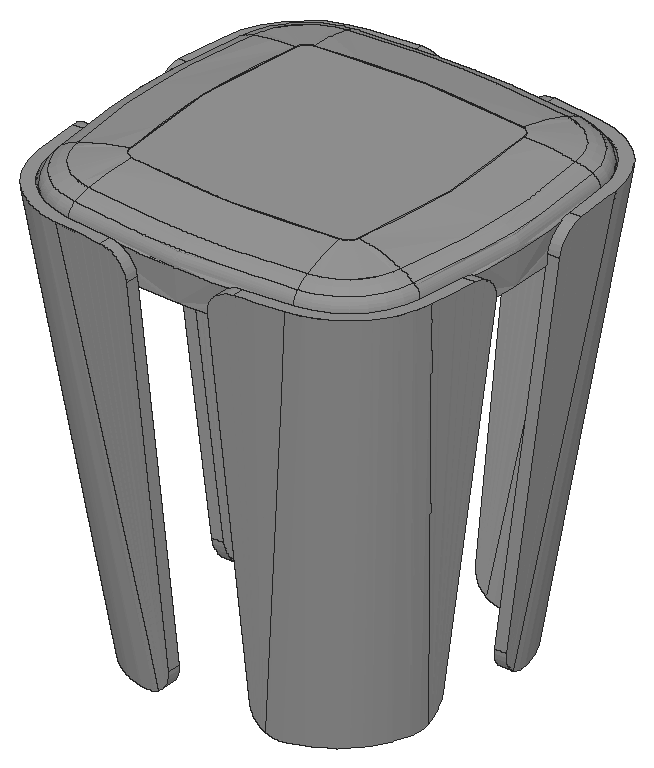
Revit family "Stool_Tulipa_Gohome_R18", category Furniture, Revit 2018
Family settings
  OmniClass Number = 23.40.20.00
  OmniClass Title = General Furniture and Specialties
  Work Plane-Based = No
  Always vertical = Yes
  Cut with Voids When Loaded = No
  Shared = No
  Room Calculation Point = No
Parameters (values of type "Musk")
  Width = 400 mm  # constant formula
  Website = "www.gohome.com.au"
  Upholstery_Finish = Gohome_Black Wool
  Type Image = <None>
  Finish = Gohome_Musk
  Supplier = "Gohome"
  Model By = "Chris:p Soul"
  Design By = "Marcel Sigel"
  Description = "Tulipa Stool"
  Depth = 400 mm  # constant formula
  Contact = "+61 2 9565 5510"
Types (5, lengths in mm): name | Finish
  (no name) | Gohome_Musk
  Walnut | Gohome_Walnut
  Musk | Gohome_Musk
  Black Stained Oak | Gohome_Black Stained Oak
  Natural Oak | Gohome_Natural Oak
Reference planes
  plane 1 "Center (Front/Back)": y = 0
  plane 2: z = 0
  plane 3 "Center (Left/Right)": x = 0
  plane 4: through (0, 133.747, 515.692) normal (0, 0.9563, -0.2924)
  plane 5 "W": x = -200
  plane 6 "E": x = 200
  plane 7: z = 450.304
  plane 8: z = 779
Forms (mm)
  Sweep 1, solid, not visible
    path origin (-820.668, 0, 203.554) x (1, 0, 0) y (0, 0, 1)
      loop
        line (570.733, 528.012) -> (1070.733, 528.012)
    profile origin (0.064, 0, 731.566) x (0, 0, 1) y (0, -1, 0)
      loop
        line (-108.623, -166.536) -> (-260.858, -119.994)
        arc (-260.858, -119.994) -> (-292.764, -96.598) -> (-303.169, -58.426) r 60
        line (-303.169, -58.426) -> (-281.263, 254.522)
        spline (-281.263, 254.522) -> (-281.257, 255.829) -> (-281.423, 257.125) -> (-281.756, 258.388) -> (-282.251, 259.598) -> (-282.9, 260.732) -> (-283.692, 261.772) -> (-284.613, 262.7) -> (-285.647, 263.5) -> (-286.777, 264.159) -> (-287.983, 264.664) -> (-289.245, 265.008) -> (-290.541, 265.184)
        line (-290.541, 265.184) -> (-291.834, 265.274) -> (-734.459, 296.194) -> (-734.459, 273.901) -> (-307.017, 244.042) -> (-328.425, -61.794)
        spline (-328.425, -61.794) -> (-328.303, -70.544) -> (-327.224, -79.228) -> (-325.201, -87.742) -> (-322.259, -95.984) -> (-318.432, -103.855) -> (-313.766, -111.261) -> (-308.318, -118.113) -> (-302.152, -124.329) -> (-295.344, -129.834) -> (-287.973, -134.563) -> (-280.129, -138.458) -> (-271.906, -141.473)
        line (-271.906, -141.473) -> (-110.496, -190.84)
        arc (-110.496, -190.84) -> (-107.722, -190.42) -> (-106.509, -187.89) r 3
        line (-106.509, -187.89) -> (-106.509, -169.182)
        spline (-106.509, -169.182) -> (-106.546, -168.884) -> (-106.613, -168.592) -> (-106.708, -168.308) -> (-106.831, -168.035) -> (-106.981, -167.775) -> (-107.156, -167.532) -> (-107.355, -167.308) -> (-107.575, -167.104) -> (-107.814, -166.924) -> (-108.07, -166.768) -> (-108.341, -166.638) -> (-108.623, -166.536)
  Extrusion 2, void, not visible
    sketch origin (0, 0, 0) x (1, 0, 0) y (0, 0, 1)
      loop
        line (-241.599, -65) -> (-195.458, 594.851)
        arc (-195.458, 594.851) -> (-185.991, 614.699) -> (-165.531, 622.758) r 30
        line (-165.531, 622.758) -> (165.862, 622.758)
        arc (165.862, 622.758) -> (186.322, 614.699) -> (195.789, 594.851) r 30
        line (195.789, 594.851) -> (241.93, -65) -> (367.21, -65) -> (367.21, 835.06) -> (13.239, 835.06) -> (-366.879, 835.06) -> (-366.879, -65) -> (-241.599, -65)
    from -326.217 to 362.964
  Sweep 3, solid, not visible
    path origin (204.953, 265.712, 0) x (0, 1, 0) y (0, 0, 1)
      loop
        line (-34.577, 782.317) -> (-117.45, 511.254)
        arc (-117.45, 511.254) -> (-126.491, 462.205) -> (-124.17, 412.384) r 218.426
        line (-124.17, 412.384) -> (-57.209, 0)
    profile origin (204.953, 175.022, 206.192) x (0, 0.987072, 0.160277) y (1, 0, 0)
      loop
        line (-15.179, -204.922) -> (-15.179, -488.636) -> (8, -488.577) -> (8, -205.248) -> (8, 78.671) -> (-15.179, 78.729) -> (-15.179, -204.922)
  Extrusion 4, void, not visible
    sketch origin (0, 0, 0) x (1, 0, 0) y (0, 0, 1)
      loop
        arc (-274.397, 10.698) -> (-271.735, 3.18) -> (-264.422, 0) r 10
        line (-264.422, 0) -> (-246.379, 0)
        arc (-246.379, 0) -> (-239.565, 2.681) -> (-236.405, 9.288) r 10
        line (-236.405, 9.288) -> (-190.907, 659.94)
        arc (-190.907, 659.94) -> (-181.44, 679.788) -> (-160.98, 687.847) r 30
        line (-160.98, 687.847) -> (161.311, 687.847)
        arc (161.311, 687.847) -> (181.771, 679.788) -> (191.238, 659.94) r 30
        line (191.238, 659.94) -> (236.735, 9.297)
        arc (236.735, 9.297) -> (239.892, 2.685) -> (246.71, 0) r 10
        line (246.71, 0) -> (264.753, 0)
        arc (264.753, 0) -> (272.066, 3.18) -> (274.729, 10.698) r 10
        line (274.729, 10.698) -> (227.031, 692.802)
        arc (227.031, 692.802) -> (198.63, 752.346) -> (137.25, 776.524) r 90
        line (137.25, 776.524) -> (-136.919, 776.524)
        arc (-136.919, 776.524) -> (-198.299, 752.346) -> (-226.7, 692.802) r 90
        line (-226.7, 692.802) -> (-274.397, 10.698)
      loop
        line (13.239, 835.06) -> (-366.879, 835.06) -> (-366.879, -40) -> (-281.505, -40) -> (285.751, -40) -> (367.21, -40) -> (367.21, 835.06) -> (13.239, 835.06)
    from -424.588 to 138.074
  Extrusion 5, void, not visible
    sketch origin (0, -690, 0) x (1, 0, 0) y (0, 0, 1)
      loop
        arc (-198.311, 9.302) -> (-201.468, 2.686) -> (-208.288, 0) r 10
        line (-208.288, 0) -> (-226.33, 0)
        arc (-226.33, 0) -> (-233.644, 3.18) -> (-236.306, 10.698) r 10
        line (-236.306, 10.698) -> (-241.795, -67.79) -> (242.126, -67.79) -> (236.637, 10.698)
        arc (236.637, 10.698) -> (233.975, 3.18) -> (226.662, 0) r 10
        line (226.662, 0) -> (208.619, 0)
        arc (208.619, 0) -> (201.799, 2.686) -> (198.642, 9.302) r 10
        line (198.642, 9.302) -> (170.465, 412.258)
        arc (170.465, 412.258) -> (167.309, 418.874) -> (160.489, 421.561) r 10
        line (160.489, 421.561) -> (-160.158, 421.561)
        arc (-160.158, 421.561) -> (-166.978, 418.874) -> (-170.133, 412.258) r 10
        line (-170.133, 412.258) -> (-198.311, 9.302)
    from -445.955 to -356.965
  Extrusion 6, solid, material "Gohome_Musk" <- "Finish"
    sketch origin (-93.503, 4.782, 0) x (1, 0, 0) y (0, 1, 0)
      loop
        arc (-17.293, 172.18) -> (-61.767, 150.488) -> (-83.459, 106.015) r 76
        arc (-83.459, 106.015) -> (-93.221, -4.782) -> (-83.459, -115.578) r 633.652
        arc (-83.459, -115.578) -> (-61.767, -160.051) -> (-17.293, -181.744) r 76
        arc (-17.293, -181.744) -> (93.503, -189.16) -> (204.299, -181.744) r 831.307
        arc (204.299, -181.744) -> (248.772, -160.051) -> (270.465, -115.578) r 76
        arc (270.465, -115.578) -> (280.226, -4.782) -> (270.465, 106.015) r 633.652
        arc (270.465, 106.015) -> (248.772, 150.488) -> (204.299, 172.18) r 76
        arc (204.299, 172.18) -> (93.503, 179.597) -> (-17.293, 172.18) r 831.307
    from 384 to 400
  Sweep 7, solid, material "Gohome_Black Wool" <- "Upholstery_Finish"
    path in 3D
      loop
        arc (110.796, 176.962, 400) -> (155.269, 155.269, 400) -> (176.962, 110.796, 400) r 76
        arc (176.962, 110.796, 400) -> (186.724, 0, 400) -> (176.962, -110.796, 400) r 633.652
        arc (176.962, -110.796, 400) -> (155.269, -155.269, 400) -> (110.796, -176.962, 400) r 76
        arc (110.796, -176.962, 400) -> (0, -184.379, 400) -> (-110.796, -176.962, 400) r 831.307
        arc (-110.796, -176.962, 400) -> (-155.269, -155.269, 400) -> (-176.962, -110.796, 400) r 76
        arc (-176.962, -110.796, 400) -> (-186.724, 0, 400) -> (-176.962, 110.796, 400) r 633.652
        arc (-176.962, 110.796, 400) -> (-155.269, 155.269, 400) -> (-110.796, 176.962, 400) r 76
        arc (-110.796, 176.962, 400) -> (0, 184.379, 400) -> (110.796, 176.962, 400) r 831.307
    profile origin (0, 184.379, 400) x (0, 1, 0) y (0, 0, 1)
      loop
        arc (3.954, 16.415) -> (2.371, 24.12) -> (-2.854, 30) r 15.188
        arc (-2.854, 30) -> (-9.998, 33.96) -> (-17.66, 36.788) r 53.599
        arc (-17.66, 36.788) -> (-40.813, 42.18) -> (-64.379, 45.304) r 245.118
        line (-64.379, 45.304) -> (-64.379, 14) -> (0, 14) -> (0, -16) -> (3.954, 16.415)
  Extrusion 8, solid, material "Gohome_Black Wool" <- "Upholstery_Finish"
    sketch origin (0, 0, 0) x (1, 0, 0) y (0, 1, 0)
      loop
        arc (-102.734, -113.088) -> (0, -120) -> (102.734, -113.088) r 766.928
        arc (102.734, -113.088) -> (110.023, -109.461) -> (113.143, -101.942) r 11.621
        arc (113.143, -101.942) -> (122.345, 0) -> (113.143, 101.942) r 569.273
        arc (113.143, 101.942) -> (110.023, 109.461) -> (102.734, 113.088) r 11.621
        arc (102.734, 113.088) -> (0, 120) -> (-102.734, 113.088) r 766.928
        arc (-102.734, 113.088) -> (-110.023, 109.461) -> (-113.143, 101.942) r 11.621
        arc (-113.143, 101.942) -> (-122.345, 0) -> (-113.143, -101.942) r 569.273
        arc (-113.143, -101.942) -> (-110.023, -109.461) -> (-102.734, -113.088) r 11.621
    from 420 to 445.304
Lines and regions (mm)
  model lines, style "0", not visible
    curve 1: line (-181.921, -48.212, 0) -> (-182.808, -49.933, 0)
    curve 2: line (-42.382, -191.142, 0) -> (-40.211, -190.147, 0)
    curve 3: line (42.503, -190.058, 0) -> (44.225, -190.946, 0)
    curve 4: line (185.434, -50.52, 0) -> (184.439, -48.349, 0)
    curve 5: line (184.35, 34.366, 0) -> (185.238, 36.087, 0)
    curve 6: line (44.812, 177.296, 0) -> (42.64, 176.301, 0)
    curve 7: line (-40.074, 176.212, 0) -> (-41.795, 177.1, 0)
    curve 8: line (-183.004, 36.674, 0) -> (-182.009, 34.502, 0)
    curve 9: line (-182.042, -46.941, 0) -> (-182.228, -46.923, 0)
    curve 10: line (41.233, -190.18, 0) -> (41.215, -190.366, 0)
    curve 11: line (184.472, 33.095, 0) -> (184.658, 33.077, 0)
    curve 12: line (-38.803, 176.334, 0) -> (-38.785, 176.52, 0)
    curve 13: line (-179.072, -121.023, 0) -> (-175.748, -117.7, 0)
    curve 14: line (-109.562, -183.886, 0) -> (-112.885, -187.21, 0)
    curve 15: line (115.315, -187.21, 0) -> (112, -183.896, 0)
    curve 16: line (178.187, -117.709, 0) -> (181.502, -121.023, 0)
    curve 17: line (181.502, 107.177, 0) -> (178.178, 103.853, 0)
    curve 18: line (111.991, 170.04, 0) -> (115.315, 173.364, 0)
    curve 19: line (-112.885, 173.364, 0) -> (-109.571, 170.049, 0)
    curve 20: line (-175.758, 103.863, 0) -> (-179.072, 107.177, 0)
    curve 21: line (-192.387, -46.925, 0) -> (-195.25, -50.739, 0)
    curve 22: line (-41.669, -203.102, 0) -> (-38.787, -200.525, 0)
    curve 23: line (-191.088, -122.842, 0) -> (-114.722, -199.207, 0)
    curve 24: line (112, -183.896, 0) -> (178.187, -117.709, 0)
    curve 25: line (-175.765, -117.702, 0) -> (-109.564, -183.903, 0)
    curve 26: line (178.194, 103.855, 0) -> (111.993, 170.056, 0)
    curve 27: line (-109.571, 170.049, 0) -> (-175.758, 103.863, 0)
    curve 28: line (41.217, -200.525, 0) -> (45.031, -203.388, 0)
    curve 29: line (197.394, -49.807, 0) -> (194.817, -46.925, 0)
    curve 30: line (117.134, -199.226, 0) -> (193.517, -122.842, 0)
    curve 31: line (194.817, 33.079, 0) -> (197.672, 36.859, 0)
    curve 32: line (44.099, 189.256, 0) -> (41.217, 186.679, 0)
    curve 33: line (193.517, 108.996, 0) -> (117.152, 185.361, 0)
    curve 34: line (-38.787, 186.679, 0) -> (-42.601, 189.542, 0)
    curve 35: line (-194.964, 35.961, 0) -> (-192.387, 33.079, 0)
    curve 36: line (-114.704, 185.379, 0) -> (-191.088, 108.996, 0)
    curve 37: line (-182.808, -49.933, 0) -> (-184.007, -72.849, 0)
    curve 38: line (-184.989, -72.923, 0) -> (-182.228, -46.923, 0)
    curve 39: line (-184.007, -72.849, 0) -> (-179.072, -121.023, 0)
    curve 40: line (-38.785, -190.366, 0) -> (-64.785, -193.127, 0)
    curve 41: line (-64.711, -192.145, 0) -> (-42.382, -191.142, 0)
    curve 42: line (-112.885, -187.21, 0) -> (-64.711, -192.145, 0)
    curve 43: line (-192.387, -46.923, 0) -> (-195.169, -72.923, 0)
    curve 44: line (-196.151, -72.996, 0) -> (-195.276, -51.078, 0)
    curve 45: line (-41.918, -203.117, 0) -> (-64.858, -204.289, 0)
    curve 46: line (-64.785, -203.307, 0) -> (-38.785, -200.525, 0)
    curve 47: line (-195.169, -72.923, 0) -> (-190.096, -122.713, 0)
    curve 48: line (-191.071, -122.84, 0) -> (-196.151, -72.996, 0)
    curve 49: line (-64.785, -193.127, 0) -> (-113.012, -188.186, 0)
    curve 50: line (-180.048, -121.15, 0) -> (-184.989, -72.923, 0)
    curve 51: line (-114.575, -198.234, 0) -> (-64.785, -203.307, 0)
    curve 52: line (-64.858, -204.289, 0) -> (-114.722, -199.207, 0)
    curve 53: line (-175.748, -117.7, 0) -> (-183.164, -6.923, 0)
    curve 54: line (-183.164, -6.923, 0) -> (-182.177, -6.923, 0)
    curve 55: line (-182.177, -6.923, 0) -> (-174.773, -117.573, 0)
    curve 56: line (1.215, -191.302, 0) -> (1.215, -190.315, 0)
    curve 57: line (1.215, -190.315, 0) -> (111.864, -182.911, 0)
    curve 58: line (111.991, -183.886, 0) -> (1.215, -191.302, 0)
    curve 59: line (1.215, 176.469, 0) -> (-109.435, 169.065, 0)
    curve 60: line (-109.562, 170.04, 0) -> (1.215, 177.455, 0)
    curve 61: line (1.215, 177.455, 0) -> (1.215, 176.469, 0)
    curve 62: line (184.607, -6.923, 0) -> (177.203, 103.726, 0)
    curve 63: line (178.178, 103.853, 0) -> (185.593, -6.923, 0)
    curve 64: line (185.593, -6.923, 0) -> (184.607, -6.923, 0)
    curve 65: line (185.593, -6.923, 0) -> (178.178, -117.7, 0)
    curve 66: line (177.203, -117.573, 0) -> (184.607, -6.923, 0)
    curve 67: line (111.864, 169.065, 0) -> (1.215, 176.469, 0)
    curve 68: line (1.215, 177.455, 0) -> (111.991, 170.04, 0)
    curve 69: line (-183.164, -6.923, 0) -> (-175.748, 103.853, 0)
    curve 70: line (-174.773, 103.726, 0) -> (-182.177, -6.923, 0)
    curve 71: line (-109.435, -182.911, 0) -> (1.215, -190.315, 0)
    curve 72: line (1.215, -191.302, 0) -> (-109.562, -183.886, 0)
    curve 73: line (44.225, -190.946, 0) -> (67.141, -192.145, 0)
    curve 74: line (67.215, -193.127, 0) -> (41.215, -190.366, 0)
    curve 75: line (67.141, -192.145, 0) -> (115.315, -187.21, 0)
    curve 76: line (184.658, -46.923, 0) -> (187.419, -72.923, 0)
    curve 77: line (186.436, -72.849, 0) -> (185.434, -50.52, 0)
    curve 78: line (181.502, -121.023, 0) -> (186.436, -72.849, 0)
    curve 79: line (41.215, -200.525, 0) -> (67.215, -203.307, 0)
    curve 80: line (67.287, -204.289, 0) -> (45.37, -203.414, 0)
    curve 81: line (197.598, -72.923, 0) -> (194.817, -46.923, 0)
    curve 82: line (197.409, -50.056, 0) -> (198.581, -72.996, 0)
    curve 83: line (67.215, -203.307, 0) -> (117.005, -198.234, 0)
    curve 84: line (117.132, -199.209, 0) -> (67.287, -204.289, 0)
    curve 85: line (115.442, -188.186, 0) -> (67.215, -193.127, 0)
    curve 86: line (187.419, -72.923, 0) -> (182.477, -121.15, 0)
    curve 87: line (192.526, -122.713, 0) -> (197.598, -72.923, 0)
    curve 88: line (198.581, -72.996, 0) -> (193.501, -122.84, 0)
    curve 89: line (185.238, 36.087, 0) -> (186.436, 59.003, 0)
    curve 90: line (187.419, 59.077, 0) -> (184.658, 33.077, 0)
    curve 91: line (186.436, 59.003, 0) -> (181.502, 107.177, 0)
    curve 92: line (41.215, 176.52, 0) -> (67.215, 179.281, 0)
    curve 93: line (67.141, 178.298, 0) -> (44.812, 177.296, 0)
    curve 94: line (115.315, 173.364, 0) -> (67.141, 178.298, 0)
    curve 95: line (194.817, 33.077, 0) -> (197.598, 59.077, 0)
    curve 96: line (198.581, 59.149, 0) -> (197.703, 37.222, 0)
    curve 97: line (67.215, 189.46, 0) -> (41.215, 186.679, 0)
    curve 98: line (44.348, 189.271, 0) -> (67.287, 190.443, 0)
    curve 99: line (197.598, 59.077, 0) -> (192.526, 108.867, 0)
    curve 100: line (193.501, 108.994, 0) -> (198.581, 59.149, 0)
    curve 101: line (67.215, 179.281, 0) -> (115.442, 174.339, 0)
    curve 102: line (182.477, 107.304, 0) -> (187.419, 59.077, 0)
    curve 103: line (117.005, 184.388, 0) -> (67.215, 189.46, 0)
    curve 104: line (67.287, 190.443, 0) -> (117.152, 185.361, 0)
    curve 105: line (-41.795, 177.1, 0) -> (-64.711, 178.298, 0)
    curve 106: line (-64.785, 179.281, 0) -> (-38.785, 176.52, 0)
    curve 107: line (-64.711, 178.298, 0) -> (-112.885, 173.364, 0)
    curve 108: line (-182.228, 33.077, 0) -> (-184.989, 59.077, 0)
    curve 109: line (-184.007, 59.003, 0) -> (-183.004, 36.674, 0)
    curve 110: line (-179.072, 107.177, 0) -> (-184.007, 59.003, 0)
    curve 111: line (-38.785, 186.679, 0) -> (-64.785, 189.46, 0)
    curve 112: line (-64.858, 190.443, 0) -> (-42.94, 189.567, 0)
    curve 113: line (-195.169, 59.077, 0) -> (-192.387, 33.077, 0)
    curve 114: line (-194.979, 36.21, 0) -> (-196.151, 59.149, 0)
    curve 115: line (-64.785, 189.46, 0) -> (-114.575, 184.388, 0)
    curve 116: line (-114.702, 185.363, 0) -> (-64.858, 190.443, 0)
    curve 117: line (-184.989, 59.077, 0) -> (-180.048, 107.304, 0)
    curve 118: line (-113.012, 174.339, 0) -> (-64.785, 179.281, 0)
    curve 119: line (-190.096, 108.867, 0) -> (-195.169, 59.077, 0)
    curve 120: line (-196.151, 59.149, 0) -> (-191.071, 108.994, 0)
    curve 121: line (-184.007, -72.849, 0) -> (-184.989, -72.923, 0)
    curve 122: line (-184.989, -72.923, 0) -> (-195.169, -72.923, 0)
    curve 123: line (-195.169, -72.923, 0) -> (-196.151, -72.996, 0)
    curve 124: line (-64.711, -192.145, 0) -> (-64.785, -193.127, 0)
    curve 125: line (-64.785, -193.127, 0) -> (-64.785, -203.307, 0)
    curve 126: line (-64.785, -203.307, 0) -> (-64.858, -204.289, 0)
    curve 127: line (-190.096, -122.713, 0) -> (-191.071, -122.84, 0)
    curve 128: line (-180.048, -121.15, 0) -> (-179.072, -121.023, 0)
    curve 129: line (-113.012, -188.186, 0) -> (-112.885, -187.21, 0)
    curve 130: line (-192.387, -46.923, 0) -> (-182.228, -46.923, 0)
    curve 131: line (-114.575, -198.234, 0) -> (-114.702, -199.209, 0)
    curve 132: line (-38.785, -190.366, 0) -> (-38.785, -200.525, 0)
    curve 133: line (-174.773, -117.573, 0) -> (-175.748, -117.7, 0)
    curve 134: line (111.864, -182.911, 0) -> (111.991, -183.886, 0)
    curve 135: line (-109.435, 169.065, 0) -> (-109.562, 170.04, 0)
    curve 136: line (177.203, 103.726, 0) -> (178.178, 103.853, 0)
    curve 137: line (177.203, -117.573, 0) -> (178.178, -117.7, 0)
    curve 138: line (111.864, 169.065, 0) -> (111.991, 170.04, 0)
    curve 139: line (-174.773, 103.726, 0) -> (-175.748, 103.853, 0)
    curve 140: line (-109.435, -182.911, 0) -> (-109.562, -183.886, 0)
    curve 141: line (67.141, -192.145, 0) -> (67.215, -193.127, 0)
    curve 142: line (67.215, -193.127, 0) -> (67.215, -203.307, 0)
    curve 143: line (67.215, -203.307, 0) -> (67.287, -204.289, 0)
    curve 144: line (186.436, -72.849, 0) -> (187.419, -72.923, 0)
    curve 145: line (187.419, -72.923, 0) -> (197.598, -72.923, 0)
    curve 146: line (197.598, -72.923, 0) -> (198.581, -72.996, 0)
    curve 147: line (117.005, -198.234, 0) -> (117.132, -199.209, 0)
    curve 148: line (115.442, -188.186, 0) -> (115.315, -187.21, 0)
    curve 149: line (182.477, -121.15, 0) -> (181.502, -121.023, 0)
    curve 150: line (192.526, -122.713, 0) -> (193.517, -122.842, 0)
    curve 151: line (41.215, -200.525, 0) -> (41.215, -190.366, 0)
    curve 152: line (184.658, -46.923, 0) -> (194.817, -46.923, 0)
    curve 153: line (186.436, 59.003, 0) -> (187.419, 59.077, 0)
    curve 154: line (187.419, 59.077, 0) -> (197.598, 59.077, 0)
    curve 155: line (197.598, 59.077, 0) -> (198.581, 59.149, 0)
    curve 156: line (67.141, 178.298, 0) -> (67.215, 179.281, 0)
    curve 157: line (67.215, 179.281, 0) -> (67.215, 189.46, 0)
    curve 158: line (67.215, 189.46, 0) -> (67.287, 190.443, 0)
    curve 159: line (192.526, 108.867, 0) -> (193.501, 108.994, 0)
    curve 160: line (115.442, 174.339, 0) -> (115.315, 173.364, 0)
    curve 161: line (182.477, 107.304, 0) -> (181.502, 107.177, 0)
    curve 162: line (117.005, 184.388, 0) -> (117.132, 185.363, 0)
    curve 163: line (41.215, 176.52, 0) -> (41.215, 186.679, 0)
    curve 164: line (194.817, 33.077, 0) -> (184.658, 33.077, 0)
    curve 165: line (-64.711, 178.298, 0) -> (-64.785, 179.281, 0)
    curve 166: line (-64.785, 179.281, 0) -> (-64.785, 189.46, 0)
    curve 167: line (-64.785, 189.46, 0) -> (-64.858, 190.443, 0)
    curve 168: line (-184.007, 59.003, 0) -> (-184.989, 59.077, 0)
    curve 169: line (-184.989, 59.077, 0) -> (-195.169, 59.077, 0)
    curve 170: line (-195.169, 59.077, 0) -> (-196.151, 59.149, 0)
    curve 171: line (-114.575, 184.388, 0) -> (-114.702, 185.363, 0)
    curve 172: line (-180.048, 107.304, 0) -> (-179.072, 107.177, 0)
    curve 173: line (-190.096, 108.867, 0) -> (-191.088, 108.996, 0)
    curve 174: line (-182.228, 33.077, 0) -> (-192.387, 33.077, 0)
    curve 175: line (-113.012, 174.339, 0) -> (-112.885, 173.364, 0)
    curve 176: line (-38.785, 186.679, 0) -> (-38.785, 176.52, 0)
    curve 177: arc (-180.048, -121.15, 0) -> (-157.985, -166.123, 0) -> (-113.012, -188.186, 0) r 77.448
    curve 178: arc (-179.072, -121.023, 0) -> (-157.296, -165.434, 0) -> (-112.885, -187.21, 0) r 76.43
    curve 179: arc (-190.096, -122.713, 0) -> (-165.242, -173.38, 0) -> (-114.575, -198.234, 0) r 87.244
    curve 180: arc (111.864, -182.911, 0) -> (155.699, -161.407, 0) -> (177.203, -117.573, 0) r 75.487
    curve 181: arc (-174.773, -117.573, 0) -> (-153.269, -161.407, 0) -> (-109.435, -182.911, 0) r 75.487
    curve 182: arc (177.203, 103.726, 0) -> (155.699, 147.561, 0) -> (111.864, 169.065, 0) r 75.487
    curve 183: arc (-109.435, 169.065, 0) -> (-153.269, 147.561, 0) -> (-174.773, 103.726, 0) r 75.487
    curve 184: arc (117.005, -198.234, 0) -> (167.672, -173.38, 0) -> (192.526, -122.713, 0) r 87.244
    curve 185: arc (115.442, -188.186, 0) -> (160.415, -166.123, 0) -> (182.477, -121.15, 0) r 77.448
    curve 186: arc (115.315, -187.21, 0) -> (159.726, -165.434, 0) -> (181.502, -121.023, 0) r 76.43
    curve 187: arc (182.477, 107.304, 0) -> (160.415, 152.277, 0) -> (115.442, 174.339, 0) r 77.448
    curve 188: arc (181.502, 107.177, 0) -> (159.726, 151.588, 0) -> (115.315, 173.364, 0) r 76.43
    curve 189: arc (192.526, 108.867, 0) -> (167.672, 159.534, 0) -> (117.005, 184.388, 0) r 87.244
    curve 190: arc (-114.575, 184.388, 0) -> (-165.242, 159.534, 0) -> (-190.096, 108.867, 0) r 87.244
    curve 191: arc (-113.012, 174.339, 0) -> (-157.985, 152.277, 0) -> (-180.048, 107.304, 0) r 77.448
    curve 192: arc (-112.885, 173.364, 0) -> (-157.296, 151.588, 0) -> (-179.072, 107.177, 0) r 76.43
  sketch lines
    curve 193: arc (-110.796, 176.962, 400) -> (0, 184.379, 400) -> (110.796, 176.962, 400) r 831.307
    curve 194: arc (-176.962, 110.796, 400) -> (-155.269, 155.269, 400) -> (-110.796, 176.962, 400) r 76
    curve 195: arc (-176.962, -110.796, 400) -> (-186.724, 0, 400) -> (-176.962, 110.796, 400) r 633.652
    curve 196: arc (-110.796, -176.962, 400) -> (-155.269, -155.269, 400) -> (-176.962, -110.796, 400) r 76
    curve 197: arc (110.796, -176.962, 400) -> (0, -184.379, 400) -> (-110.796, -176.962, 400) r 831.307
    curve 198: arc (176.962, 110.796, 400) -> (186.724, 0, 400) -> (176.962, -110.796, 400) r 633.652
    curve 199: arc (110.796, 176.962, 400) -> (155.269, 155.269, 400) -> (176.962, 110.796, 400) r 76
    curve 200: arc (176.962, -110.796, 400) -> (155.269, -155.269, 400) -> (110.796, -176.962, 400) r 76
Dimensions and locks
  Sweep 3 sketch curve to Sweep 3 sketch curve = 22.879 mm
  "Width": plane 5 "W" to plane 6 "E"
  plane 8 to level = 779 mm
  plane 7 to level = 450.304 mm
  equal spacing: plane 5 "W", plane 3 "Center (Left/Right)", plane 6 "E"
  aligned and locked: level to plane 2
Automatic sketch dimensions
  Extrusion 6 sketch curve to plane 1 "Center (Front/Back)" = 0 mm
  Extrusion 6 sketch curve to plane 3 "Center (Left/Right)" = 0 mm  (x2)
  plane 1 "Center (Front/Back)" to Extrusion 6 sketch curve = 0 mm
  plane 5 "W" to Extrusion 6 sketch curve = 98.471 mm  (x2)
  Extrusion 6 sketch curve to plane 5 "W" = 246.928 mm
  plane 6 "E" to Extrusion 6 sketch curve = 98.471 mm  (x2)
  Extrusion 6 sketch curve to plane 6 "E" = 246.928 mm
  plane 1 "Center (Front/Back)" to Extrusion 6 sketch curve = 101.529 mm  (x2)
  Extrusion 6 sketch curve to Extrusion 6 sketch curve = 545.399 mm  (x2)
  Extrusion 6 sketch curve to plane 1 "Center (Front/Back)" = 101.529 mm  (x2)
  Extrusion 6 sketch curve to Extrusion 6 sketch curve = 9.267 mm  (x5)
  plane 5 "W" to Extrusion 6 sketch curve = 23.038 mm  (x2)
  plane 6 "E" to Extrusion 6 sketch curve = 23.038 mm
  Sweep 7 sketch curve to profile plane = 0 mm
  profile plane to Sweep 7 sketch curve = 11.208 mm
  Sweep 7 sketch curve to profile plane = 14.762 mm
  profile plane to Sweep 7 sketch curve = 32.335 mm
  profile plane to Sweep 7 sketch curve = 84.77 mm
  Sweep 7 sketch curve to profile plane = 3.954 mm
  Sweep 7 sketch curve to profile plane = 16 mm
  Sweep 7 sketch curve to Sweep 7 sketch curve = 184.202 mm
  profile plane to Sweep 7 sketch curve = 14 mm
  Sweep 7 sketch curve to Sweep 7 sketch curve = 2.415 mm
  Sweep 7 sketch curve to Sweep 7 sketch curve = 3.316 mm
  Sweep 7 sketch curve to Sweep 7 sketch curve = 0 mm  (x2)
  profile plane to Sweep 7 sketch curve = 45.304 mm
  Extrusion 8 sketch curve to plane 1 "Center (Front/Back)" = 0 mm
  Extrusion 8 sketch curve to plane 3 "Center (Left/Right)" = 0 mm  (x2)
  plane 1 "Center (Front/Back)" to Extrusion 8 sketch curve = 0 mm
  plane 5 "W" to Extrusion 8 sketch curve = 98.471 mm  (x2)
  Extrusion 8 sketch curve to plane 5 "W" = 246.928 mm
  plane 6 "E" to Extrusion 8 sketch curve = 98.471 mm  (x2)
  Extrusion 8 sketch curve to plane 6 "E" = 246.928 mm
  plane 1 "Center (Front/Back)" to Extrusion 8 sketch curve = 101.529 mm  (x2)
  Extrusion 8 sketch curve to Extrusion 8 sketch curve = 545.399 mm  (x2)
  Extrusion 8 sketch curve to plane 1 "Center (Front/Back)" = 101.529 mm  (x2)
  Extrusion 8 sketch curve to Extrusion 8 sketch curve = 1.205 mm  (x4)
  Extrusion 8 sketch curve to Extrusion 8 sketch curve = 11.614 mm  (x3)
  Extrusion 8 sketch curve to Extrusion 8 sketch curve = 0.413 mm
Nested families
  nested 1: "Stool_Tulipa_Leg_R18" at (39.795, 39.795, 0), Finish <- "Finish", type "Natural Oak"
    with Finish Gohome_Musk
  nested 2: "Stool_Tulipa_Leg_R18" at (-39.795, 39.795, 0) x (-1, 0, 0) z (0, 0, 1), Finish <- "Finish", type "Natural Oak"
    with Finish Gohome_Musk
  nested 3: "Stool_Tulipa_Leg_R18" at (39.795, -39.795, 0), Finish <- "Finish", type "Natural Oak"
    with Finish Gohome_Musk
  nested 4: "Stool_Tulipa_Leg_R18" at (-39.795, -39.795, 0) x (-1, 0, 0) z (0, 0, 1), Finish <- "Finish", type "Natural Oak"
    with Finish Gohome_Musk
Definition of nested family "Stool_Tulipa_Leg_R18"
  Parameters (values of type "Natural Oak")
    Website = "www.gohome.com.au"
    Type Image = (empty or 0)
    Finish [instance] = none
    Supplier = "Gohome"
    Model By = "Chris:p Soul"
    Design By = "Marcel Sigel"
    Description = "Plateau"
    Contact = "+61 2 9565 5510"
  Reference planes
    plane 1 "Center (Front/Back)": y = 0
    plane 2: z = 0
    plane 3 "Center (Left/Right)": x = 0
    plane 4: through (0, 133.747, 515.692) normal (0, 0.9563, -0.2924)
  Forms (mm)
    Sweep 1, solid, not visible
      path origin (-820.668, 0, 203.554) x (1, 0, 0) y (0, 0, 1)
        loop
          line (570.733, 528.012) -> (1070.733, 528.012)
      profile origin (0.064, 0, 731.566) x (0, 0, 1) y (0, -1, 0)
        loop
          line (-108.623, -166.536) -> (-260.858, -119.994)
          arc (-260.858, -119.994) -> (-292.764, -96.598) -> (-303.169, -58.426) r 60
          line (-303.169, -58.426) -> (-281.263, 254.522)
          spline (-281.263, 254.522) -> (-281.257, 255.829) -> (-281.423, 257.125) -> (-281.756, 258.388) -> (-282.251, 259.598) -> (-282.9, 260.732) -> (-283.692, 261.772) -> (-284.613, 262.7) -> (-285.647, 263.5) -> (-286.777, 264.159) -> (-287.983, 264.664) -> (-289.245, 265.008) -> (-290.541, 265.184)
          line (-290.541, 265.184) -> (-291.834, 265.274) -> (-734.459, 296.194) -> (-734.459, 273.901) -> (-307.017, 244.042) -> (-328.425, -61.794)
          spline (-328.425, -61.794) -> (-328.303, -70.544) -> (-327.224, -79.228) -> (-325.201, -87.742) -> (-322.259, -95.984) -> (-318.432, -103.855) -> (-313.766, -111.261) -> (-308.318, -118.113) -> (-302.152, -124.329) -> (-295.344, -129.834) -> (-287.973, -134.563) -> (-280.129, -138.458) -> (-271.906, -141.473)
          line (-271.906, -141.473) -> (-110.496, -190.84)
          arc (-110.496, -190.84) -> (-107.722, -190.42) -> (-106.509, -187.89) r 3
          line (-106.509, -187.89) -> (-106.509, -169.182)
          spline (-106.509, -169.182) -> (-106.546, -168.884) -> (-106.613, -168.592) -> (-106.708, -168.308) -> (-106.831, -168.035) -> (-106.981, -167.775) -> (-107.156, -167.532) -> (-107.355, -167.308) -> (-107.575, -167.104) -> (-107.814, -166.924) -> (-108.07, -166.768) -> (-108.341, -166.638) -> (-108.623, -166.536)
    Extrusion 2, void, not visible
      sketch origin (0, 0, 0) x (1, 0, 0) y (0, 0, 1)
        loop
          line (-241.599, -65) -> (-195.458, 594.851)
          arc (-195.458, 594.851) -> (-185.991, 614.699) -> (-165.531, 622.758) r 30
          line (-165.531, 622.758) -> (165.862, 622.758)
          arc (165.862, 622.758) -> (186.322, 614.699) -> (195.789, 594.851) r 30
          line (195.789, 594.851) -> (241.93, -65) -> (367.21, -65) -> (367.21, 835.06) -> (13.239, 835.06) -> (-366.879, 835.06) -> (-366.879, -65) -> (-241.599, -65)
      from -326.217 to 362.964
    Sweep 3, solid, not visible
      path origin (204.953, 265.712, 0) x (0, 1, 0) y (0, 0, 1)
        loop
          line (-34.577, 782.317) -> (-117.45, 511.254)
          arc (-117.45, 511.254) -> (-126.491, 462.205) -> (-124.17, 412.384) r 218.426
          line (-124.17, 412.384) -> (-57.209, 0)
      profile origin (204.953, 175.022, 206.192) x (0, 0.987072, 0.160277) y (1, 0, 0)
        loop
          line (-15.179, -204.922) -> (-15.179, -488.636) -> (8.611, -488.577) -> (8.611, -205.248) -> (8.611, 78.671) -> (-15.179, 78.729) -> (-15.179, -204.922)
    Extrusion 4, void, not visible
      sketch origin (0, 0, 0) x (1, 0, 0) y (0, 0, 1)
        loop
          arc (-274.397, 10.698) -> (-271.735, 3.18) -> (-264.422, 0) r 10
          line (-264.422, 0) -> (-246.379, 0)
          arc (-246.379, 0) -> (-239.565, 2.681) -> (-236.405, 9.288) r 10
          line (-236.405, 9.288) -> (-190.907, 659.94)
          arc (-190.907, 659.94) -> (-181.44, 679.788) -> (-160.98, 687.847) r 30
          line (-160.98, 687.847) -> (161.311, 687.847)
          arc (161.311, 687.847) -> (181.771, 679.788) -> (191.238, 659.94) r 30
          line (191.238, 659.94) -> (236.735, 9.297)
          arc (236.735, 9.297) -> (239.892, 2.685) -> (246.71, 0) r 10
          line (246.71, 0) -> (264.753, 0)
          arc (264.753, 0) -> (272.066, 3.18) -> (274.729, 10.698) r 10
          line (274.729, 10.698) -> (227.031, 692.802)
          arc (227.031, 692.802) -> (198.63, 752.346) -> (137.25, 776.524) r 90
          line (137.25, 776.524) -> (-136.919, 776.524)
          arc (-136.919, 776.524) -> (-198.299, 752.346) -> (-226.7, 692.802) r 90
          line (-226.7, 692.802) -> (-274.397, 10.698)
        loop
          line (13.239, 835.06) -> (-366.879, 835.06) -> (-366.879, -40) -> (-281.505, -40) -> (285.751, -40) -> (367.21, -40) -> (367.21, 835.06) -> (13.239, 835.06)
      from -424.588 to 138.074
    Extrusion 5, void, not visible
      sketch origin (0, -690, 0) x (1, 0, 0) y (0, 0, 1)
        loop
          arc (-198.311, 9.302) -> (-201.468, 2.686) -> (-208.288, 0) r 10
          line (-208.288, 0) -> (-226.33, 0)
          arc (-226.33, 0) -> (-233.644, 3.18) -> (-236.306, 10.698) r 10
          line (-236.306, 10.698) -> (-241.795, -67.79) -> (242.126, -67.79) -> (236.637, 10.698)
          arc (236.637, 10.698) -> (233.975, 3.18) -> (226.662, 0) r 10
          line (226.662, 0) -> (208.619, 0)
          arc (208.619, 0) -> (201.799, 2.686) -> (198.642, 9.302) r 10
          line (198.642, 9.302) -> (170.465, 412.258)
          arc (170.465, 412.258) -> (167.309, 418.874) -> (160.489, 421.561) r 10
          line (160.489, 421.561) -> (-160.158, 421.561)
          arc (-160.158, 421.561) -> (-166.978, 418.874) -> (-170.133, 412.258) r 10
          line (-170.133, 412.258) -> (-198.311, 9.302)
      from -445.955 to -356.965
    Blend 6, solid, material <- "Finish"
      base sketch origin (13.962, 13.962, 0) x (0.707107, 0.707107, 0) y (-0.707107, 0.707107, 0)
        loop
          line (52.69, 72.435) -> (44.204, 63.95) -> (53, 55.154)
          arc (53, 55.154) -> (75.845, 0) -> (53, -55.154) r 78
          line (53, -55.154) -> (44.204, -63.95) -> (52.69, -72.435) -> (61.485, -63.64)
          arc (61.485, -63.64) -> (87.845, 0) -> (61.485, 63.64) r 90
          line (61.485, 63.64) -> (52.69, 72.435)
      top sketch origin (13.962, 13.962, 0) x (0.707107, 0.707107, 0) y (-0.707107, 0.707107, 0)
        loop
          line (94.81, 114.555) -> (86.281, 106.026) -> (132.531, 49.277)
          arc (132.531, 49.277) -> (150.068, 0) -> (132.531, -49.277) r 78
          line (132.531, -49.277) -> (86.281, -106.026) -> (94.81, -114.555) -> (141.833, -56.858)
          arc (141.833, -56.858) -> (162.068, 0) -> (141.833, 56.858) r 90
          line (141.833, 56.858) -> (94.81, 114.555)
      from 0 to 420
    Extrusion 7, void
      sketch origin (0, 0, 0) x (1, 0, 0) y (0, 0, 1)
        loop
          line (0, 26) -> (0, 0) -> (26, 0)
          arc (26, 0) -> (7.615, 7.615) -> (0, 26) r 26
        loop
          arc (0, 394) -> (7.615, 412.385) -> (26, 420) r 26
          line (26, 420) -> (0, 420) -> (0, 394)
      from -213.027 to -38.733
    Extrusion 8, void
      sketch origin (0, 0, 0) x (0, 1, 0) y (0, 0, -1)
        loop
          arc (0, -26) -> (7.615, -7.615) -> (26, 0) r 26
          line (26, 0) -> (0, 0) -> (0, -26)
        loop
          line (0, -394) -> (0, -420) -> (26, -420)
          arc (26, -420) -> (7.615, -412.385) -> (0, -394) r 26
      from -213.027 to -38.733
    Extrusion 9, solid, material <- "Finish"
      sketch origin (0, 0, 0) x (1, 0, 0) y (0, 1, 0)
        loop
          line (45.544, 30.031) -> (140.946, 30.031) -> (137.133, 67.444)
          arc (137.133, 67.444) -> (114.689, 114.689) -> (67.444, 137.133) r 78
          line (67.444, 137.133) -> (30.544, 140.894) -> (30.544, 45.031)
          arc (30.544, 45.031) -> (34.937, 34.425) -> (45.544, 30.031) r 15
      from 370 to 384
    Extrusion 10, solid, material <- "Finish"
      sketch origin (15.237, 15.237, 100) x (0.707107, 0.707107, 0) y (0, 0, 1)
        loop
          line (122.976, 209.708) -> (136.896, 270) -> (96.896, 270) -> (115.707, 218.317)
          arc (115.707, 218.317) -> (118.576, 213.366) -> (122.976, 209.708) r 16.335
      from -8 to 8
  Cuts and joins
    Extrusion 7, Extrusion 8 cuts Blend 6
  Dimensions and locks
    Sweep 3 sketch curve to Sweep 3 sketch curve = 23.482 mm
    aligned and locked: level to plane 2
